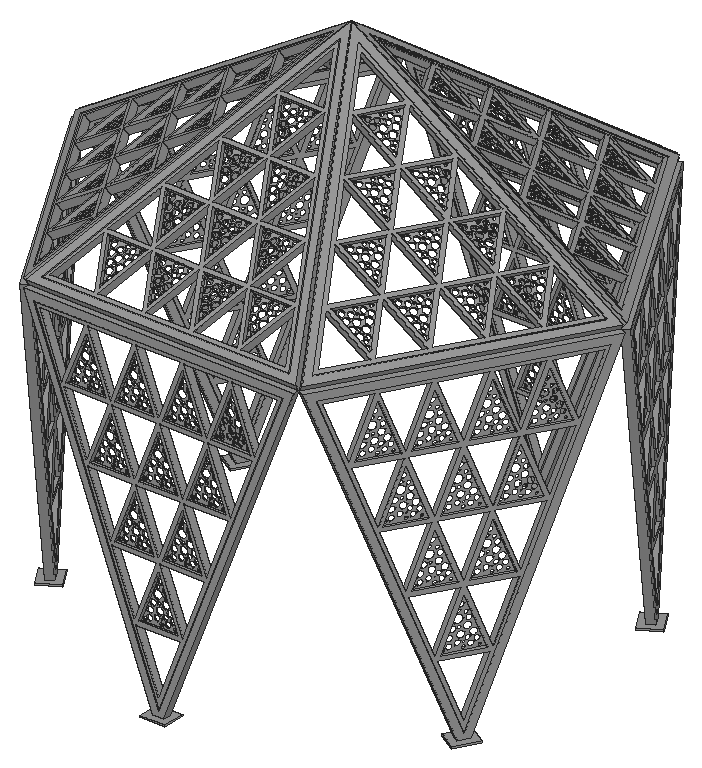
Revit family "Беседка «Трекант» Арт 19429", category Антураж, Revit 2018 (continued)
Automatic sketch dimensions
  Extrusion 20 sketch curve to Extrusion 20 sketch curve = 21.489 mm
  Extrusion 20 sketch curve to Extrusion 20 sketch curve = 46.74 mm
  Extrusion 20 sketch curve to Extrusion 20 sketch curve = 17.599 mm
  Extrusion 20 sketch curve to Extrusion 20 sketch curve = 18.342 mm
  Extrusion 20 sketch curve to Extrusion 20 sketch curve = 34.657 mm
  Extrusion 20 sketch curve to Extrusion 20 sketch curve = 35.947 mm
  Extrusion 20 sketch curve to Extrusion 20 sketch curve = 15.165 mm
  Extrusion 20 sketch curve to Extrusion 20 sketch curve = 36.532 mm
  Extrusion 20 sketch curve to Extrusion 20 sketch curve = 17.608 mm
  Extrusion 20 sketch curve to Extrusion 20 sketch curve = 17.736 mm
  Extrusion 20 sketch curve to Extrusion 20 sketch curve = 18.246 mm
  Extrusion 20 sketch curve to Extrusion 20 sketch curve = 14.653 mm
  Extrusion 20 sketch curve to Extrusion 20 sketch curve = 16.154 mm
  Extrusion 20 sketch curve to Extrusion 20 sketch curve = 31.299 mm
  Extrusion 20 sketch curve to Extrusion 20 sketch curve = 31.936 mm
  Extrusion 20 sketch curve to Extrusion 20 sketch curve = 25.851 mm
  Extrusion 20 sketch curve to Extrusion 20 sketch curve = 22.422 mm
  Extrusion 20 sketch curve to Extrusion 20 sketch curve = 51.657 mm
  Extrusion 20 sketch curve to Extrusion 20 sketch curve = 25.059 mm
  Extrusion 20 sketch curve to Extrusion 20 sketch curve = 30.603 mm
  Extrusion 20 sketch curve to Extrusion 20 sketch curve = 51.382 mm
  Extrusion 20 sketch curve to Extrusion 20 sketch curve = 6.429 mm
  Extrusion 20 sketch curve to Extrusion 20 sketch curve = 3.118 mm
  Extrusion 20 sketch curve to Extrusion 20 sketch curve = 47.115 mm
  Extrusion 20 sketch curve to Extrusion 20 sketch curve = 50.724 mm
  Extrusion 20 sketch curve to Extrusion 20 sketch curve = 37.627 mm
  Extrusion 20 sketch curve to Extrusion 20 sketch curve = 11.104 mm
  Extrusion 20 sketch curve to Extrusion 20 sketch curve = 38.537 mm
  Extrusion 21 sketch curve to plane 8 "123" = 902.88 mm
  Extrusion 21 sketch curve to Extrusion 21 sketch curve = 26.608 mm
  Extrusion 21 sketch curve to Extrusion 21 sketch curve = 34.088 mm
  Extrusion 21 sketch curve to Extrusion 21 sketch curve = 1.206 mm
  Extrusion 21 sketch curve to Extrusion 21 sketch curve = 21.176 mm
  Extrusion 21 sketch curve to Extrusion 21 sketch curve = 49.958 mm
  Extrusion 21 sketch curve to Extrusion 21 sketch curve = 31.469 mm
  Extrusion 21 sketch curve to Extrusion 21 sketch curve = 0.052 mm
  Extrusion 21 sketch curve to Extrusion 21 sketch curve = 38.438 mm
  Extrusion 21 sketch curve to Extrusion 21 sketch curve = 6.752 mm
  Extrusion 21 sketch curve to Extrusion 21 sketch curve = 16.343 mm
  Extrusion 21 sketch curve to plane 8 "123" = 546.211 mm
  Extrusion 21 sketch curve to Extrusion 21 sketch curve = 5.971 mm
  Extrusion 21 sketch curve to Extrusion 21 sketch curve = 34.201 mm
  Extrusion 21 sketch curve to Extrusion 21 sketch curve = 1.495 mm
  Extrusion 21 sketch curve to Extrusion 21 sketch curve = 44.825 mm
  Extrusion 21 sketch curve to Extrusion 21 sketch curve = 21.489 mm
  Extrusion 21 sketch curve to Extrusion 21 sketch curve = 46.74 mm
  Extrusion 21 sketch curve to Extrusion 21 sketch curve = 17.599 mm
  Extrusion 21 sketch curve to Extrusion 21 sketch curve = 18.342 mm
  Extrusion 21 sketch curve to Extrusion 21 sketch curve = 34.657 mm
  Extrusion 21 sketch curve to Extrusion 21 sketch curve = 35.947 mm
  Extrusion 21 sketch curve to Extrusion 21 sketch curve = 15.165 mm
  Extrusion 21 sketch curve to Extrusion 21 sketch curve = 36.532 mm
  Extrusion 21 sketch curve to Extrusion 21 sketch curve = 17.608 mm
  Extrusion 21 sketch curve to Extrusion 21 sketch curve = 17.736 mm
  Extrusion 21 sketch curve to Extrusion 21 sketch curve = 18.246 mm
  Extrusion 21 sketch curve to Extrusion 21 sketch curve = 14.653 mm
  Extrusion 21 sketch curve to Extrusion 21 sketch curve = 16.154 mm
  Extrusion 21 sketch curve to Extrusion 21 sketch curve = 31.299 mm
  Extrusion 21 sketch curve to Extrusion 21 sketch curve = 31.936 mm
  Extrusion 21 sketch curve to Extrusion 21 sketch curve = 25.851 mm
  Extrusion 21 sketch curve to Extrusion 21 sketch curve = 22.422 mm
  Extrusion 21 sketch curve to Extrusion 21 sketch curve = 51.657 mm
  Extrusion 21 sketch curve to Extrusion 21 sketch curve = 25.059 mm
  Extrusion 21 sketch curve to Extrusion 21 sketch curve = 30.603 mm
  Extrusion 21 sketch curve to Extrusion 21 sketch curve = 51.382 mm
  Extrusion 21 sketch curve to Extrusion 21 sketch curve = 6.429 mm
  Extrusion 21 sketch curve to Extrusion 21 sketch curve = 3.118 mm
  Extrusion 21 sketch curve to Extrusion 21 sketch curve = 47.115 mm
  Extrusion 21 sketch curve to Extrusion 21 sketch curve = 50.724 mm
  Extrusion 21 sketch curve to Extrusion 21 sketch curve = 37.627 mm
  Extrusion 21 sketch curve to Extrusion 21 sketch curve = 11.104 mm
  Extrusion 21 sketch curve to Extrusion 21 sketch curve = 38.537 mm
  level to Extrusion 22 sketch curve = 970.272 mm
  Extrusion 22 sketch curve to Extrusion 22 sketch curve = 26.608 mm
  Extrusion 22 sketch curve to Extrusion 22 sketch curve = 34.088 mm
  Extrusion 22 sketch curve to Extrusion 22 sketch curve = 1.206 mm
  Extrusion 22 sketch curve to Extrusion 22 sketch curve = 21.176 mm
  Extrusion 22 sketch curve to Extrusion 22 sketch curve = 49.958 mm
  Extrusion 22 sketch curve to Extrusion 22 sketch curve = 31.469 mm
  Extrusion 22 sketch curve to Extrusion 22 sketch curve = 0.052 mm
  Extrusion 22 sketch curve to Extrusion 22 sketch curve = 38.438 mm
  Extrusion 22 sketch curve to Extrusion 22 sketch curve = 6.752 mm
  Extrusion 22 sketch curve to Extrusion 22 sketch curve = 16.343 mm
  Extrusion 22 sketch curve to plane 8 "123" = 972.651 mm
  Extrusion 22 sketch curve to Extrusion 22 sketch curve = 5.971 mm
  Extrusion 22 sketch curve to Extrusion 22 sketch curve = 34.201 mm
  Extrusion 22 sketch curve to Extrusion 22 sketch curve = 1.495 mm
  Extrusion 22 sketch curve to Extrusion 22 sketch curve = 44.825 mm
  Extrusion 22 sketch curve to Extrusion 22 sketch curve = 21.489 mm
  Extrusion 22 sketch curve to Extrusion 22 sketch curve = 46.74 mm
  Extrusion 22 sketch curve to Extrusion 22 sketch curve = 17.599 mm
  Extrusion 22 sketch curve to Extrusion 22 sketch curve = 18.342 mm
  Extrusion 22 sketch curve to Extrusion 22 sketch curve = 34.657 mm
  Extrusion 22 sketch curve to Extrusion 22 sketch curve = 35.947 mm
  Extrusion 22 sketch curve to Extrusion 22 sketch curve = 15.165 mm
  Extrusion 22 sketch curve to Extrusion 22 sketch curve = 36.532 mm
  Extrusion 22 sketch curve to Extrusion 22 sketch curve = 17.608 mm
  Extrusion 22 sketch curve to Extrusion 22 sketch curve = 17.736 mm
  Extrusion 22 sketch curve to Extrusion 22 sketch curve = 18.246 mm
  Extrusion 22 sketch curve to Extrusion 22 sketch curve = 14.653 mm
  Extrusion 22 sketch curve to Extrusion 22 sketch curve = 16.154 mm
  Extrusion 22 sketch curve to Extrusion 22 sketch curve = 31.299 mm
  Extrusion 22 sketch curve to Extrusion 22 sketch curve = 31.936 mm
  Extrusion 22 sketch curve to Extrusion 22 sketch curve = 25.851 mm
  Extrusion 22 sketch curve to Extrusion 22 sketch curve = 22.422 mm
  Extrusion 22 sketch curve to Extrusion 22 sketch curve = 51.657 mm
  Extrusion 22 sketch curve to Extrusion 22 sketch curve = 25.059 mm
  Extrusion 22 sketch curve to Extrusion 22 sketch curve = 30.603 mm
  Extrusion 22 sketch curve to Extrusion 22 sketch curve = 51.382 mm
  Extrusion 22 sketch curve to Extrusion 22 sketch curve = 6.429 mm
  Extrusion 22 sketch curve to Extrusion 22 sketch curve = 3.118 mm
  Extrusion 22 sketch curve to Extrusion 22 sketch curve = 47.115 mm
  Extrusion 22 sketch curve to Extrusion 22 sketch curve = 50.724 mm
  Extrusion 22 sketch curve to Extrusion 22 sketch curve = 37.627 mm
  Extrusion 22 sketch curve to Extrusion 22 sketch curve = 11.104 mm
  Extrusion 22 sketch curve to Extrusion 22 sketch curve = 38.537 mm
  level to Extrusion 23 sketch curve = 970.272 mm
  Extrusion 23 sketch curve to Extrusion 23 sketch curve = 26.608 mm
  Extrusion 23 sketch curve to Extrusion 23 sketch curve = 34.088 mm
  Extrusion 23 sketch curve to Extrusion 23 sketch curve = 1.206 mm
  Extrusion 23 sketch curve to Extrusion 23 sketch curve = 21.176 mm
  Extrusion 23 sketch curve to Extrusion 23 sketch curve = 49.958 mm
  Extrusion 23 sketch curve to Extrusion 23 sketch curve = 31.469 mm
  Extrusion 23 sketch curve to Extrusion 23 sketch curve = 0.052 mm
  Extrusion 23 sketch curve to Extrusion 23 sketch curve = 38.438 mm
  Extrusion 23 sketch curve to Extrusion 23 sketch curve = 6.752 mm
  Extrusion 23 sketch curve to Extrusion 23 sketch curve = 16.343 mm
  Extrusion 23 sketch curve to plane 8 "123" = 972.651 mm
  Extrusion 23 sketch curve to Extrusion 23 sketch curve = 5.971 mm
  Extrusion 23 sketch curve to Extrusion 23 sketch curve = 34.201 mm
  Extrusion 23 sketch curve to Extrusion 23 sketch curve = 1.495 mm
  Extrusion 23 sketch curve to Extrusion 23 sketch curve = 44.825 mm
  Extrusion 23 sketch curve to Extrusion 23 sketch curve = 21.489 mm
  Extrusion 23 sketch curve to Extrusion 23 sketch curve = 46.74 mm
  Extrusion 23 sketch curve to Extrusion 23 sketch curve = 17.599 mm
  Extrusion 23 sketch curve to Extrusion 23 sketch curve = 18.342 mm
  Extrusion 23 sketch curve to Extrusion 23 sketch curve = 34.657 mm
  Extrusion 23 sketch curve to Extrusion 23 sketch curve = 35.947 mm
  Extrusion 23 sketch curve to Extrusion 23 sketch curve = 15.165 mm
  Extrusion 23 sketch curve to Extrusion 23 sketch curve = 36.532 mm
  Extrusion 23 sketch curve to Extrusion 23 sketch curve = 17.608 mm
  Extrusion 23 sketch curve to Extrusion 23 sketch curve = 17.736 mm
  Extrusion 23 sketch curve to Extrusion 23 sketch curve = 18.246 mm
  Extrusion 23 sketch curve to Extrusion 23 sketch curve = 14.653 mm
  Extrusion 23 sketch curve to Extrusion 23 sketch curve = 16.154 mm
  Extrusion 23 sketch curve to Extrusion 23 sketch curve = 31.299 mm
  Extrusion 23 sketch curve to Extrusion 23 sketch curve = 31.936 mm
  Extrusion 23 sketch curve to Extrusion 23 sketch curve = 25.851 mm
  Extrusion 23 sketch curve to Extrusion 23 sketch curve = 22.422 mm
  Extrusion 23 sketch curve to Extrusion 23 sketch curve = 51.657 mm
  Extrusion 23 sketch curve to Extrusion 23 sketch curve = 25.059 mm
  Extrusion 23 sketch curve to Extrusion 23 sketch curve = 30.603 mm
  Extrusion 23 sketch curve to Extrusion 23 sketch curve = 51.382 mm
  Extrusion 23 sketch curve to Extrusion 23 sketch curve = 6.429 mm
  Extrusion 23 sketch curve to Extrusion 23 sketch curve = 3.118 mm
  Extrusion 23 sketch curve to Extrusion 23 sketch curve = 47.115 mm
  Extrusion 23 sketch curve to Extrusion 23 sketch curve = 50.724 mm
  Extrusion 23 sketch curve to Extrusion 23 sketch curve = 37.627 mm
  Extrusion 23 sketch curve to Extrusion 23 sketch curve = 11.104 mm
  Extrusion 23 sketch curve to Extrusion 23 sketch curve = 38.537 mm
  level to Extrusion 24 sketch curve = 543.832 mm
  Extrusion 24 sketch curve to Extrusion 24 sketch curve = 26.608 mm
  Extrusion 24 sketch curve to Extrusion 24 sketch curve = 34.088 mm
  Extrusion 24 sketch curve to Extrusion 24 sketch curve = 1.206 mm
  Extrusion 24 sketch curve to Extrusion 24 sketch curve = 21.176 mm
  Extrusion 24 sketch curve to Extrusion 24 sketch curve = 49.958 mm
  Extrusion 24 sketch curve to Extrusion 24 sketch curve = 31.469 mm
  Extrusion 24 sketch curve to Extrusion 24 sketch curve = 0.052 mm
  Extrusion 24 sketch curve to Extrusion 24 sketch curve = 38.438 mm
  Extrusion 24 sketch curve to Extrusion 24 sketch curve = 6.752 mm
  Extrusion 24 sketch curve to Extrusion 24 sketch curve = 16.343 mm
  level to Extrusion 24 sketch curve = 900.501 mm
  Extrusion 24 sketch curve to Extrusion 24 sketch curve = 5.971 mm
  Extrusion 24 sketch curve to Extrusion 24 sketch curve = 34.201 mm
  Extrusion 24 sketch curve to Extrusion 24 sketch curve = 1.495 mm
  Extrusion 24 sketch curve to Extrusion 24 sketch curve = 44.825 mm
  Extrusion 24 sketch curve to Extrusion 24 sketch curve = 21.489 mm
  Extrusion 24 sketch curve to Extrusion 24 sketch curve = 46.74 mm
  Extrusion 24 sketch curve to Extrusion 24 sketch curve = 17.599 mm
  Extrusion 24 sketch curve to Extrusion 24 sketch curve = 18.342 mm
  Extrusion 24 sketch curve to Extrusion 24 sketch curve = 34.657 mm
  Extrusion 24 sketch curve to Extrusion 24 sketch curve = 35.947 mm
  Extrusion 24 sketch curve to Extrusion 24 sketch curve = 15.165 mm
  Extrusion 24 sketch curve to Extrusion 24 sketch curve = 36.532 mm
  Extrusion 24 sketch curve to Extrusion 24 sketch curve = 17.608 mm
  Extrusion 24 sketch curve to Extrusion 24 sketch curve = 17.736 mm
  Extrusion 24 sketch curve to Extrusion 24 sketch curve = 18.246 mm
  Extrusion 24 sketch curve to Extrusion 24 sketch curve = 14.653 mm
  Extrusion 24 sketch curve to Extrusion 24 sketch curve = 16.154 mm
  Extrusion 24 sketch curve to Extrusion 24 sketch curve = 31.299 mm
  Extrusion 24 sketch curve to Extrusion 24 sketch curve = 31.936 mm
  Extrusion 24 sketch curve to Extrusion 24 sketch curve = 25.851 mm
  Extrusion 24 sketch curve to Extrusion 24 sketch curve = 22.422 mm
  Extrusion 24 sketch curve to Extrusion 24 sketch curve = 51.657 mm
  Extrusion 24 sketch curve to Extrusion 24 sketch curve = 25.059 mm
  Extrusion 24 sketch curve to Extrusion 24 sketch curve = 30.603 mm
  Extrusion 24 sketch curve to Extrusion 24 sketch curve = 51.382 mm
  Extrusion 24 sketch curve to Extrusion 24 sketch curve = 6.429 mm
  Extrusion 24 sketch curve to Extrusion 24 sketch curve = 3.118 mm
  Extrusion 24 sketch curve to Extrusion 24 sketch curve = 47.115 mm
  Extrusion 24 sketch curve to Extrusion 24 sketch curve = 50.724 mm
  Extrusion 24 sketch curve to Extrusion 24 sketch curve = 37.627 mm
  Extrusion 24 sketch curve to Extrusion 24 sketch curve = 11.104 mm
  Extrusion 24 sketch curve to Extrusion 24 sketch curve = 38.537 mm
  plane 8 "123" to Extrusion 25 sketch curve = 0 mm
  level to Extrusion 25 sketch curve = 0 mm
  Extrusion 25 sketch curve to plane 8 "123" = 50 mm
  Extrusion 25 sketch curve to Extrusion 25 sketch curve = 72.75 mm  (x2)
  Extrusion 25 sketch curve to Extrusion 25 sketch curve = 809.98 mm
  level to Extrusion 25 sketch curve = 47.642 mm
  Extrusion 25 sketch curve to Extrusion 25 sketch curve = 35.269 mm  (x2)
  Extrusion 25 sketch curve to Extrusion 25 sketch curve = 1690.499 mm
  Extrusion 26 sketch curve to plane 8 "123" = 50 mm
  Extrusion 26 sketch curve to Extrusion 26 sketch curve = 36.379 mm  (x2)
  Extrusion 26 sketch curve to plane 8 "123" = 476.44 mm  (x7)
  Extrusion 26 sketch curve to Extrusion 26 sketch curve = 154.094 mm  (x2)
  Extrusion 26 sketch curve to plane 8 "123" = 501.44 mm  (x4)
  Extrusion 26 sketch curve to Extrusion 26 sketch curve = 9.597 mm  (x13)
  Extrusion 26 sketch curve to Extrusion 26 sketch curve = 26.779 mm  (x8)
  Extrusion 26 sketch curve to plane 8 "123" = 75.01 mm  (x5)
  Extrusion 26 sketch curve to Extrusion 26 sketch curve = 308.189 mm  (x5)
  Extrusion 26 sketch curve to plane 8 "123" = 119.771 mm  (x4)
  Extrusion 26 sketch curve to plane 8 "123" = 902.88 mm  (x5)
  Extrusion 26 sketch curve to Extrusion 26 sketch curve = 154.098 mm  (x3)
  Extrusion 26 sketch curve to Extrusion 26 sketch curve = 19.199 mm  (x4)
  Extrusion 26 sketch curve to Extrusion 26 sketch curve = 273.825 mm  (x10)
  Extrusion 26 sketch curve to Extrusion 26 sketch curve = 17.19 mm  (x4)
  Extrusion 26 sketch curve to plane 8 "123" = 546.211 mm  (x3)
  Extrusion 26 sketch curve to Extrusion 26 sketch curve = 9.593 mm  (x5)
  Extrusion 26 sketch curve to Extrusion 26 sketch curve = 9.595 mm  (x5)
  level to Extrusion 26 sketch curve = 970.272 mm  (x5)
  Extrusion 26 sketch curve to Extrusion 26 sketch curve = 19.191 mm  (x2)
  level to Extrusion 26 sketch curve = 945.272 mm
  Extrusion 26 sketch curve to plane 8 "123" = 927.88 mm  (x2)
  Extrusion 26 sketch curve to plane 8 "123" = 972.651 mm  (x2)
  level to Extrusion 26 sketch curve = 543.832 mm  (x2)
  Extrusion 26 sketch curve to Extrusion 26 sketch curve = 19.189 mm  (x2)
  level to Extrusion 26 sketch curve = 47.642 mm
  level to Extrusion 26 sketch curve = 117.402 mm
  Extrusion 26 sketch curve to Extrusion 26 sketch curve = 0 mm  (x6)
  level to Extrusion 26 sketch curve = 900.501 mm
  Extrusion 26 sketch curve to Extrusion 26 sketch curve = 19.181 mm
  Extrusion 26 sketch curve to Extrusion 26 sketch curve = 19.185 mm
  Extrusion 26 sketch curve to Extrusion 26 sketch curve = 26.781 mm
  level to Extrusion 26 sketch curve = 518.832 mm
  Extrusion 26 sketch curve to Extrusion 26 sketch curve = 17.182 mm
  Extrusion 26 sketch curve to Extrusion 26 sketch curve = 17.188 mm  (x3)
  Extrusion 26 sketch curve to plane 8 "123" = 902.89 mm
  Extrusion 26 sketch curve to Extrusion 26 sketch curve = 9.591 mm
  Extrusion 26 sketch curve to Extrusion 26 sketch curve = 26.785 mm
  Extrusion 26 sketch curve to Extrusion 26 sketch curve = 17.184 mm
  Extrusion 26 sketch curve to Extrusion 26 sketch curve = 17.186 mm
  Extrusion 26 sketch curve to Extrusion 26 sketch curve = 25 mm
  Extrusion 27 sketch curve to plane 8 "123" = 476.44 mm
  Extrusion 27 sketch curve to Extrusion 27 sketch curve = 26.608 mm
  Extrusion 27 sketch curve to Extrusion 27 sketch curve = 34.088 mm
  Extrusion 27 sketch curve to Extrusion 27 sketch curve = 1.206 mm
  Extrusion 27 sketch curve to Extrusion 27 sketch curve = 21.176 mm
  Extrusion 27 sketch curve to Extrusion 27 sketch curve = 49.958 mm
  Extrusion 27 sketch curve to Extrusion 27 sketch curve = 31.469 mm
  Extrusion 27 sketch curve to Extrusion 27 sketch curve = 0.052 mm
  Extrusion 27 sketch curve to Extrusion 27 sketch curve = 38.438 mm
  Extrusion 27 sketch curve to Extrusion 27 sketch curve = 6.752 mm
  Extrusion 27 sketch curve to Extrusion 27 sketch curve = 16.343 mm
  Extrusion 27 sketch curve to plane 8 "123" = 119.771 mm
  Extrusion 27 sketch curve to Extrusion 27 sketch curve = 5.971 mm
  Extrusion 27 sketch curve to Extrusion 27 sketch curve = 34.201 mm
  Extrusion 27 sketch curve to Extrusion 27 sketch curve = 1.495 mm
  Extrusion 27 sketch curve to Extrusion 27 sketch curve = 44.825 mm
  Extrusion 27 sketch curve to Extrusion 27 sketch curve = 21.489 mm
  Extrusion 27 sketch curve to Extrusion 27 sketch curve = 46.74 mm
  Extrusion 27 sketch curve to Extrusion 27 sketch curve = 17.599 mm
  Extrusion 27 sketch curve to Extrusion 27 sketch curve = 18.342 mm
  Extrusion 27 sketch curve to Extrusion 27 sketch curve = 34.657 mm
  Extrusion 27 sketch curve to Extrusion 27 sketch curve = 35.947 mm
  Extrusion 27 sketch curve to Extrusion 27 sketch curve = 15.165 mm
  Extrusion 27 sketch curve to Extrusion 27 sketch curve = 36.532 mm
  Extrusion 27 sketch curve to Extrusion 27 sketch curve = 17.608 mm
  Extrusion 27 sketch curve to Extrusion 27 sketch curve = 17.736 mm
  Extrusion 27 sketch curve to Extrusion 27 sketch curve = 18.246 mm
  Extrusion 27 sketch curve to Extrusion 27 sketch curve = 14.653 mm
  Extrusion 27 sketch curve to Extrusion 27 sketch curve = 16.154 mm
  Extrusion 27 sketch curve to Extrusion 27 sketch curve = 31.299 mm
  Extrusion 27 sketch curve to Extrusion 27 sketch curve = 31.936 mm
  Extrusion 27 sketch curve to Extrusion 27 sketch curve = 25.851 mm
  Extrusion 27 sketch curve to Extrusion 27 sketch curve = 22.422 mm
  Extrusion 27 sketch curve to Extrusion 27 sketch curve = 51.657 mm
  Extrusion 27 sketch curve to Extrusion 27 sketch curve = 25.059 mm
  Extrusion 27 sketch curve to Extrusion 27 sketch curve = 30.603 mm
  Extrusion 27 sketch curve to Extrusion 27 sketch curve = 51.382 mm
  Extrusion 27 sketch curve to Extrusion 27 sketch curve = 6.429 mm
  Extrusion 27 sketch curve to Extrusion 27 sketch curve = 3.118 mm
  Extrusion 27 sketch curve to Extrusion 27 sketch curve = 47.115 mm
  Extrusion 27 sketch curve to Extrusion 27 sketch curve = 50.724 mm
  Extrusion 27 sketch curve to Extrusion 27 sketch curve = 37.627 mm
  Extrusion 27 sketch curve to Extrusion 27 sketch curve = 11.104 mm
  Extrusion 27 sketch curve to Extrusion 27 sketch curve = 38.537 mm
  Extrusion 28 sketch curve to plane 8 "123" = 476.44 mm
  Extrusion 28 sketch curve to Extrusion 28 sketch curve = 26.608 mm
  Extrusion 28 sketch curve to Extrusion 28 sketch curve = 34.088 mm
  Extrusion 28 sketch curve to Extrusion 28 sketch curve = 1.206 mm
  Extrusion 28 sketch curve to Extrusion 28 sketch curve = 21.176 mm
  Extrusion 28 sketch curve to Extrusion 28 sketch curve = 49.958 mm
  Extrusion 28 sketch curve to Extrusion 28 sketch curve = 31.469 mm
  Extrusion 28 sketch curve to Extrusion 28 sketch curve = 0.052 mm
  Extrusion 28 sketch curve to Extrusion 28 sketch curve = 38.438 mm
  Extrusion 28 sketch curve to Extrusion 28 sketch curve = 6.752 mm
  Extrusion 28 sketch curve to Extrusion 28 sketch curve = 16.343 mm
  Extrusion 28 sketch curve to plane 8 "123" = 119.771 mm
  Extrusion 28 sketch curve to Extrusion 28 sketch curve = 5.971 mm
  Extrusion 28 sketch curve to Extrusion 28 sketch curve = 34.201 mm
  Extrusion 28 sketch curve to Extrusion 28 sketch curve = 1.495 mm
  Extrusion 28 sketch curve to Extrusion 28 sketch curve = 44.825 mm
  Extrusion 28 sketch curve to Extrusion 28 sketch curve = 21.489 mm
  Extrusion 28 sketch curve to Extrusion 28 sketch curve = 46.74 mm
  Extrusion 28 sketch curve to Extrusion 28 sketch curve = 17.599 mm
  Extrusion 28 sketch curve to Extrusion 28 sketch curve = 18.342 mm
  Extrusion 28 sketch curve to Extrusion 28 sketch curve = 34.657 mm
  Extrusion 28 sketch curve to Extrusion 28 sketch curve = 35.947 mm
  Extrusion 28 sketch curve to Extrusion 28 sketch curve = 15.165 mm
  Extrusion 28 sketch curve to Extrusion 28 sketch curve = 36.532 mm
  Extrusion 28 sketch curve to Extrusion 28 sketch curve = 17.608 mm
  Extrusion 28 sketch curve to Extrusion 28 sketch curve = 17.736 mm
  Extrusion 28 sketch curve to Extrusion 28 sketch curve = 18.246 mm
  Extrusion 28 sketch curve to Extrusion 28 sketch curve = 14.653 mm
  Extrusion 28 sketch curve to Extrusion 28 sketch curve = 16.154 mm
  Extrusion 28 sketch curve to Extrusion 28 sketch curve = 31.299 mm
  Extrusion 28 sketch curve to Extrusion 28 sketch curve = 31.936 mm
  Extrusion 28 sketch curve to Extrusion 28 sketch curve = 25.851 mm
  Extrusion 28 sketch curve to Extrusion 28 sketch curve = 22.422 mm
  Extrusion 28 sketch curve to Extrusion 28 sketch curve = 51.657 mm
  Extrusion 28 sketch curve to Extrusion 28 sketch curve = 25.059 mm
  Extrusion 28 sketch curve to Extrusion 28 sketch curve = 30.603 mm
  Extrusion 28 sketch curve to Extrusion 28 sketch curve = 51.382 mm
  Extrusion 28 sketch curve to Extrusion 28 sketch curve = 6.429 mm
  Extrusion 28 sketch curve to Extrusion 28 sketch curve = 3.118 mm
  Extrusion 28 sketch curve to Extrusion 28 sketch curve = 47.115 mm
  Extrusion 28 sketch curve to Extrusion 28 sketch curve = 50.724 mm
  Extrusion 28 sketch curve to Extrusion 28 sketch curve = 37.627 mm
  Extrusion 28 sketch curve to Extrusion 28 sketch curve = 11.104 mm
  Extrusion 28 sketch curve to Extrusion 28 sketch curve = 38.537 mm
  Extrusion 29 sketch curve to plane 8 "123" = 476.44 mm
  Extrusion 29 sketch curve to Extrusion 29 sketch curve = 26.608 mm
  Extrusion 29 sketch curve to Extrusion 29 sketch curve = 34.088 mm
  Extrusion 29 sketch curve to Extrusion 29 sketch curve = 1.206 mm
  Extrusion 29 sketch curve to Extrusion 29 sketch curve = 21.176 mm
  Extrusion 29 sketch curve to Extrusion 29 sketch curve = 49.958 mm
  Extrusion 29 sketch curve to Extrusion 29 sketch curve = 31.469 mm
  Extrusion 29 sketch curve to Extrusion 29 sketch curve = 0.052 mm
  Extrusion 29 sketch curve to Extrusion 29 sketch curve = 38.438 mm
  Extrusion 29 sketch curve to Extrusion 29 sketch curve = 6.752 mm
  Extrusion 29 sketch curve to Extrusion 29 sketch curve = 16.343 mm
  Extrusion 29 sketch curve to plane 8 "123" = 119.771 mm
  Extrusion 29 sketch curve to Extrusion 29 sketch curve = 5.971 mm
  Extrusion 29 sketch curve to Extrusion 29 sketch curve = 34.201 mm
  Extrusion 29 sketch curve to Extrusion 29 sketch curve = 1.495 mm
  Extrusion 29 sketch curve to Extrusion 29 sketch curve = 44.825 mm
  Extrusion 29 sketch curve to Extrusion 29 sketch curve = 21.489 mm
  Extrusion 29 sketch curve to Extrusion 29 sketch curve = 46.74 mm
  Extrusion 29 sketch curve to Extrusion 29 sketch curve = 17.599 mm
  Extrusion 29 sketch curve to Extrusion 29 sketch curve = 18.342 mm
  Extrusion 29 sketch curve to Extrusion 29 sketch curve = 34.657 mm
  Extrusion 29 sketch curve to Extrusion 29 sketch curve = 35.947 mm
  Extrusion 29 sketch curve to Extrusion 29 sketch curve = 15.165 mm
  Extrusion 29 sketch curve to Extrusion 29 sketch curve = 36.532 mm
  Extrusion 29 sketch curve to Extrusion 29 sketch curve = 17.608 mm
  Extrusion 29 sketch curve to Extrusion 29 sketch curve = 17.736 mm
  Extrusion 29 sketch curve to Extrusion 29 sketch curve = 18.246 mm
  Extrusion 29 sketch curve to Extrusion 29 sketch curve = 14.653 mm
  Extrusion 29 sketch curve to Extrusion 29 sketch curve = 16.154 mm
  Extrusion 29 sketch curve to Extrusion 29 sketch curve = 31.299 mm
  Extrusion 29 sketch curve to Extrusion 29 sketch curve = 31.936 mm
  Extrusion 29 sketch curve to Extrusion 29 sketch curve = 25.851 mm
  Extrusion 29 sketch curve to Extrusion 29 sketch curve = 22.422 mm
  Extrusion 29 sketch curve to Extrusion 29 sketch curve = 51.657 mm
  Extrusion 29 sketch curve to Extrusion 29 sketch curve = 25.059 mm
  Extrusion 29 sketch curve to Extrusion 29 sketch curve = 30.603 mm
  Extrusion 29 sketch curve to Extrusion 29 sketch curve = 51.382 mm
  Extrusion 29 sketch curve to Extrusion 29 sketch curve = 6.429 mm
  Extrusion 29 sketch curve to Extrusion 29 sketch curve = 3.118 mm
  Extrusion 29 sketch curve to Extrusion 29 sketch curve = 47.115 mm
  Extrusion 29 sketch curve to Extrusion 29 sketch curve = 50.724 mm
  Extrusion 29 sketch curve to Extrusion 29 sketch curve = 37.627 mm
  Extrusion 29 sketch curve to Extrusion 29 sketch curve = 11.104 mm
  Extrusion 29 sketch curve to Extrusion 29 sketch curve = 38.537 mm
  Extrusion 30 sketch curve to plane 8 "123" = 476.44 mm
  Extrusion 30 sketch curve to Extrusion 30 sketch curve = 26.608 mm
  Extrusion 30 sketch curve to Extrusion 30 sketch curve = 34.088 mm
  Extrusion 30 sketch curve to Extrusion 30 sketch curve = 1.206 mm
  Extrusion 30 sketch curve to Extrusion 30 sketch curve = 21.176 mm
  Extrusion 30 sketch curve to Extrusion 30 sketch curve = 49.958 mm
  Extrusion 30 sketch curve to Extrusion 30 sketch curve = 31.469 mm
  Extrusion 30 sketch curve to Extrusion 30 sketch curve = 0.052 mm
  Extrusion 30 sketch curve to Extrusion 30 sketch curve = 38.438 mm
  Extrusion 30 sketch curve to Extrusion 30 sketch curve = 6.752 mm
  Extrusion 30 sketch curve to Extrusion 30 sketch curve = 16.343 mm
  Extrusion 30 sketch curve to plane 8 "123" = 119.771 mm
  Extrusion 30 sketch curve to Extrusion 30 sketch curve = 5.971 mm
  Extrusion 30 sketch curve to Extrusion 30 sketch curve = 34.201 mm
  Extrusion 30 sketch curve to Extrusion 30 sketch curve = 1.495 mm
  Extrusion 30 sketch curve to Extrusion 30 sketch curve = 44.825 mm
  Extrusion 30 sketch curve to Extrusion 30 sketch curve = 21.489 mm
  Extrusion 30 sketch curve to Extrusion 30 sketch curve = 46.74 mm
  Extrusion 30 sketch curve to Extrusion 30 sketch curve = 17.599 mm
  Extrusion 30 sketch curve to Extrusion 30 sketch curve = 18.342 mm
  Extrusion 30 sketch curve to Extrusion 30 sketch curve = 34.657 mm
  Extrusion 30 sketch curve to Extrusion 30 sketch curve = 35.947 mm
  Extrusion 30 sketch curve to Extrusion 30 sketch curve = 15.165 mm
  Extrusion 30 sketch curve to Extrusion 30 sketch curve = 36.532 mm
  Extrusion 30 sketch curve to Extrusion 30 sketch curve = 17.608 mm
  Extrusion 30 sketch curve to Extrusion 30 sketch curve = 17.736 mm
  Extrusion 30 sketch curve to Extrusion 30 sketch curve = 18.246 mm
  Extrusion 30 sketch curve to Extrusion 30 sketch curve = 14.653 mm
  Extrusion 30 sketch curve to Extrusion 30 sketch curve = 16.154 mm
  Extrusion 30 sketch curve to Extrusion 30 sketch curve = 31.299 mm
  Extrusion 30 sketch curve to Extrusion 30 sketch curve = 31.936 mm
  Extrusion 30 sketch curve to Extrusion 30 sketch curve = 25.851 mm
  Extrusion 30 sketch curve to Extrusion 30 sketch curve = 22.422 mm
  Extrusion 30 sketch curve to Extrusion 30 sketch curve = 51.657 mm
  Extrusion 30 sketch curve to Extrusion 30 sketch curve = 25.059 mm
  Extrusion 30 sketch curve to Extrusion 30 sketch curve = 30.603 mm
  Extrusion 30 sketch curve to Extrusion 30 sketch curve = 51.382 mm
  Extrusion 30 sketch curve to Extrusion 30 sketch curve = 6.429 mm
  Extrusion 30 sketch curve to Extrusion 30 sketch curve = 3.118 mm
  Extrusion 30 sketch curve to Extrusion 30 sketch curve = 47.115 mm
  Extrusion 30 sketch curve to Extrusion 30 sketch curve = 50.724 mm
  Extrusion 30 sketch curve to Extrusion 30 sketch curve = 37.627 mm
  Extrusion 30 sketch curve to Extrusion 30 sketch curve = 11.104 mm
  Extrusion 30 sketch curve to Extrusion 30 sketch curve = 38.537 mm
  Extrusion 31 sketch curve to plane 8 "123" = 902.88 mm
  Extrusion 31 sketch curve to Extrusion 31 sketch curve = 26.608 mm
  Extrusion 31 sketch curve to Extrusion 31 sketch curve = 34.088 mm
  Extrusion 31 sketch curve to Extrusion 31 sketch curve = 1.206 mm
  Extrusion 31 sketch curve to Extrusion 31 sketch curve = 21.176 mm
  Extrusion 31 sketch curve to Extrusion 31 sketch curve = 49.958 mm
  Extrusion 31 sketch curve to Extrusion 31 sketch curve = 31.469 mm
  Extrusion 31 sketch curve to Extrusion 31 sketch curve = 0.052 mm
  Extrusion 31 sketch curve to Extrusion 31 sketch curve = 38.438 mm
  Extrusion 31 sketch curve to Extrusion 31 sketch curve = 6.752 mm
  Extrusion 31 sketch curve to Extrusion 31 sketch curve = 16.343 mm
  Extrusion 31 sketch curve to plane 8 "123" = 546.211 mm
  Extrusion 31 sketch curve to Extrusion 31 sketch curve = 5.971 mm
  Extrusion 31 sketch curve to Extrusion 31 sketch curve = 34.201 mm
  Extrusion 31 sketch curve to Extrusion 31 sketch curve = 1.495 mm
  Extrusion 31 sketch curve to Extrusion 31 sketch curve = 44.825 mm
  Extrusion 31 sketch curve to Extrusion 31 sketch curve = 21.489 mm
  Extrusion 31 sketch curve to Extrusion 31 sketch curve = 46.74 mm
  Extrusion 31 sketch curve to Extrusion 31 sketch curve = 17.599 mm
  Extrusion 31 sketch curve to Extrusion 31 sketch curve = 18.342 mm
  Extrusion 31 sketch curve to Extrusion 31 sketch curve = 34.657 mm
  Extrusion 31 sketch curve to Extrusion 31 sketch curve = 35.947 mm
  Extrusion 31 sketch curve to Extrusion 31 sketch curve = 15.165 mm
  Extrusion 31 sketch curve to Extrusion 31 sketch curve = 36.532 mm
  Extrusion 31 sketch curve to Extrusion 31 sketch curve = 17.608 mm
  Extrusion 31 sketch curve to Extrusion 31 sketch curve = 17.736 mm
  Extrusion 31 sketch curve to Extrusion 31 sketch curve = 18.246 mm
  Extrusion 31 sketch curve to Extrusion 31 sketch curve = 14.653 mm
  Extrusion 31 sketch curve to Extrusion 31 sketch curve = 16.154 mm
  Extrusion 31 sketch curve to Extrusion 31 sketch curve = 31.299 mm
  Extrusion 31 sketch curve to Extrusion 31 sketch curve = 31.936 mm
  Extrusion 31 sketch curve to Extrusion 31 sketch curve = 25.851 mm
  Extrusion 31 sketch curve to Extrusion 31 sketch curve = 22.422 mm
  Extrusion 31 sketch curve to Extrusion 31 sketch curve = 51.657 mm
  Extrusion 31 sketch curve to Extrusion 31 sketch curve = 25.059 mm
  Extrusion 31 sketch curve to Extrusion 31 sketch curve = 30.603 mm
  Extrusion 31 sketch curve to Extrusion 31 sketch curve = 51.382 mm
  Extrusion 31 sketch curve to Extrusion 31 sketch curve = 6.429 mm
  Extrusion 31 sketch curve to Extrusion 31 sketch curve = 3.118 mm
  Extrusion 31 sketch curve to Extrusion 31 sketch curve = 47.115 mm
  Extrusion 31 sketch curve to Extrusion 31 sketch curve = 50.724 mm
  Extrusion 31 sketch curve to Extrusion 31 sketch curve = 37.627 mm
  Extrusion 31 sketch curve to Extrusion 31 sketch curve = 11.104 mm
  Extrusion 31 sketch curve to Extrusion 31 sketch curve = 38.537 mm
  Extrusion 32 sketch curve to plane 8 "123" = 902.88 mm
  Extrusion 32 sketch curve to Extrusion 32 sketch curve = 26.608 mm
  Extrusion 32 sketch curve to Extrusion 32 sketch curve = 34.088 mm
  Extrusion 32 sketch curve to Extrusion 32 sketch curve = 1.206 mm
  Extrusion 32 sketch curve to Extrusion 32 sketch curve = 21.176 mm
  Extrusion 32 sketch curve to Extrusion 32 sketch curve = 49.958 mm
  Extrusion 32 sketch curve to Extrusion 32 sketch curve = 31.469 mm
  Extrusion 32 sketch curve to Extrusion 32 sketch curve = 0.052 mm
  Extrusion 32 sketch curve to Extrusion 32 sketch curve = 38.438 mm
  Extrusion 32 sketch curve to Extrusion 32 sketch curve = 6.752 mm
  Extrusion 32 sketch curve to Extrusion 32 sketch curve = 16.343 mm
  Extrusion 32 sketch curve to plane 8 "123" = 546.211 mm
  Extrusion 32 sketch curve to Extrusion 32 sketch curve = 5.971 mm
  Extrusion 32 sketch curve to Extrusion 32 sketch curve = 34.201 mm
  Extrusion 32 sketch curve to Extrusion 32 sketch curve = 1.495 mm
  Extrusion 32 sketch curve to Extrusion 32 sketch curve = 44.825 mm
  Extrusion 32 sketch curve to Extrusion 32 sketch curve = 21.489 mm
  Extrusion 32 sketch curve to Extrusion 32 sketch curve = 46.74 mm
  Extrusion 32 sketch curve to Extrusion 32 sketch curve = 17.599 mm
  Extrusion 32 sketch curve to Extrusion 32 sketch curve = 18.342 mm
  Extrusion 32 sketch curve to Extrusion 32 sketch curve = 34.657 mm
  Extrusion 32 sketch curve to Extrusion 32 sketch curve = 35.947 mm
  Extrusion 32 sketch curve to Extrusion 32 sketch curve = 15.165 mm
  Extrusion 32 sketch curve to Extrusion 32 sketch curve = 36.532 mm
  Extrusion 32 sketch curve to Extrusion 32 sketch curve = 17.608 mm
  Extrusion 32 sketch curve to Extrusion 32 sketch curve = 17.736 mm
  Extrusion 32 sketch curve to Extrusion 32 sketch curve = 18.246 mm
  Extrusion 32 sketch curve to Extrusion 32 sketch curve = 14.653 mm
  Extrusion 32 sketch curve to Extrusion 32 sketch curve = 16.154 mm
  Extrusion 32 sketch curve to Extrusion 32 sketch curve = 31.299 mm
  Extrusion 32 sketch curve to Extrusion 32 sketch curve = 31.936 mm
  Extrusion 32 sketch curve to Extrusion 32 sketch curve = 25.851 mm
  Extrusion 32 sketch curve to Extrusion 32 sketch curve = 22.422 mm
  Extrusion 32 sketch curve to Extrusion 32 sketch curve = 51.657 mm
  Extrusion 32 sketch curve to Extrusion 32 sketch curve = 25.059 mm
  Extrusion 32 sketch curve to Extrusion 32 sketch curve = 30.603 mm
  Extrusion 32 sketch curve to Extrusion 32 sketch curve = 51.382 mm
  Extrusion 32 sketch curve to Extrusion 32 sketch curve = 6.429 mm
  Extrusion 32 sketch curve to Extrusion 32 sketch curve = 3.118 mm
  Extrusion 32 sketch curve to Extrusion 32 sketch curve = 47.115 mm
  Extrusion 32 sketch curve to Extrusion 32 sketch curve = 50.724 mm
  Extrusion 32 sketch curve to Extrusion 32 sketch curve = 37.627 mm
  Extrusion 32 sketch curve to Extrusion 32 sketch curve = 11.104 mm
  Extrusion 32 sketch curve to Extrusion 32 sketch curve = 38.537 mm
  Extrusion 33 sketch curve to plane 8 "123" = 902.88 mm
  Extrusion 33 sketch curve to Extrusion 33 sketch curve = 26.608 mm
  Extrusion 33 sketch curve to Extrusion 33 sketch curve = 34.088 mm
  Extrusion 33 sketch curve to Extrusion 33 sketch curve = 1.206 mm
  Extrusion 33 sketch curve to Extrusion 33 sketch curve = 21.176 mm
  Extrusion 33 sketch curve to Extrusion 33 sketch curve = 49.958 mm
  Extrusion 33 sketch curve to Extrusion 33 sketch curve = 31.469 mm
  Extrusion 33 sketch curve to Extrusion 33 sketch curve = 0.052 mm
  Extrusion 33 sketch curve to Extrusion 33 sketch curve = 38.438 mm
  Extrusion 33 sketch curve to Extrusion 33 sketch curve = 6.752 mm
  Extrusion 33 sketch curve to Extrusion 33 sketch curve = 16.343 mm
  Extrusion 33 sketch curve to plane 8 "123" = 546.211 mm
  Extrusion 33 sketch curve to Extrusion 33 sketch curve = 5.971 mm
  Extrusion 33 sketch curve to Extrusion 33 sketch curve = 34.201 mm
  Extrusion 33 sketch curve to Extrusion 33 sketch curve = 1.495 mm
  Extrusion 33 sketch curve to Extrusion 33 sketch curve = 44.825 mm
  Extrusion 33 sketch curve to Extrusion 33 sketch curve = 21.489 mm
  Extrusion 33 sketch curve to Extrusion 33 sketch curve = 46.74 mm
  Extrusion 33 sketch curve to Extrusion 33 sketch curve = 17.599 mm
  Extrusion 33 sketch curve to Extrusion 33 sketch curve = 18.342 mm
  Extrusion 33 sketch curve to Extrusion 33 sketch curve = 34.657 mm
  Extrusion 33 sketch curve to Extrusion 33 sketch curve = 35.947 mm
  Extrusion 33 sketch curve to Extrusion 33 sketch curve = 15.165 mm
  Extrusion 33 sketch curve to Extrusion 33 sketch curve = 36.532 mm
  Extrusion 33 sketch curve to Extrusion 33 sketch curve = 17.608 mm
  Extrusion 33 sketch curve to Extrusion 33 sketch curve = 17.736 mm
  Extrusion 33 sketch curve to Extrusion 33 sketch curve = 18.246 mm
  Extrusion 33 sketch curve to Extrusion 33 sketch curve = 14.653 mm
  Extrusion 33 sketch curve to Extrusion 33 sketch curve = 16.154 mm
  Extrusion 33 sketch curve to Extrusion 33 sketch curve = 31.299 mm
  Extrusion 33 sketch curve to Extrusion 33 sketch curve = 31.936 mm
  Extrusion 33 sketch curve to Extrusion 33 sketch curve = 25.851 mm
  Extrusion 33 sketch curve to Extrusion 33 sketch curve = 22.422 mm
  Extrusion 33 sketch curve to Extrusion 33 sketch curve = 51.657 mm
  Extrusion 33 sketch curve to Extrusion 33 sketch curve = 25.059 mm
  Extrusion 33 sketch curve to Extrusion 33 sketch curve = 30.603 mm
  Extrusion 33 sketch curve to Extrusion 33 sketch curve = 51.382 mm
  Extrusion 33 sketch curve to Extrusion 33 sketch curve = 6.429 mm
  Extrusion 33 sketch curve to Extrusion 33 sketch curve = 3.118 mm
  Extrusion 33 sketch curve to Extrusion 33 sketch curve = 47.115 mm
  Extrusion 33 sketch curve to Extrusion 33 sketch curve = 50.724 mm
  Extrusion 33 sketch curve to Extrusion 33 sketch curve = 37.627 mm
  Extrusion 33 sketch curve to Extrusion 33 sketch curve = 11.104 mm
  Extrusion 33 sketch curve to Extrusion 33 sketch curve = 38.537 mm
  level to Extrusion 34 sketch curve = 970.272 mm
  Extrusion 34 sketch curve to Extrusion 34 sketch curve = 26.608 mm
  Extrusion 34 sketch curve to Extrusion 34 sketch curve = 34.088 mm
  Extrusion 34 sketch curve to Extrusion 34 sketch curve = 1.206 mm
  Extrusion 34 sketch curve to Extrusion 34 sketch curve = 21.176 mm
  Extrusion 34 sketch curve to Extrusion 34 sketch curve = 49.958 mm
  Extrusion 34 sketch curve to Extrusion 34 sketch curve = 31.469 mm
  Extrusion 34 sketch curve to Extrusion 34 sketch curve = 0.052 mm
  Extrusion 34 sketch curve to Extrusion 34 sketch curve = 38.438 mm
  Extrusion 34 sketch curve to Extrusion 34 sketch curve = 6.752 mm
  Extrusion 34 sketch curve to Extrusion 34 sketch curve = 16.343 mm
  Extrusion 34 sketch curve to plane 8 "123" = 972.651 mm
  Extrusion 34 sketch curve to Extrusion 34 sketch curve = 5.971 mm
  Extrusion 34 sketch curve to Extrusion 34 sketch curve = 34.201 mm
  Extrusion 34 sketch curve to Extrusion 34 sketch curve = 1.495 mm
  Extrusion 34 sketch curve to Extrusion 34 sketch curve = 44.825 mm
  Extrusion 34 sketch curve to Extrusion 34 sketch curve = 21.489 mm
  Extrusion 34 sketch curve to Extrusion 34 sketch curve = 46.74 mm
  Extrusion 34 sketch curve to Extrusion 34 sketch curve = 17.599 mm
  Extrusion 34 sketch curve to Extrusion 34 sketch curve = 18.342 mm
  Extrusion 34 sketch curve to Extrusion 34 sketch curve = 34.657 mm
  Extrusion 34 sketch curve to Extrusion 34 sketch curve = 35.947 mm
  Extrusion 34 sketch curve to Extrusion 34 sketch curve = 15.165 mm
  Extrusion 34 sketch curve to Extrusion 34 sketch curve = 36.532 mm
  Extrusion 34 sketch curve to Extrusion 34 sketch curve = 17.608 mm
  Extrusion 34 sketch curve to Extrusion 34 sketch curve = 17.736 mm
  Extrusion 34 sketch curve to Extrusion 34 sketch curve = 18.246 mm
  Extrusion 34 sketch curve to Extrusion 34 sketch curve = 14.653 mm
  Extrusion 34 sketch curve to Extrusion 34 sketch curve = 16.154 mm
  Extrusion 34 sketch curve to Extrusion 34 sketch curve = 31.299 mm
  Extrusion 34 sketch curve to Extrusion 34 sketch curve = 31.936 mm
  Extrusion 34 sketch curve to Extrusion 34 sketch curve = 25.851 mm
  Extrusion 34 sketch curve to Extrusion 34 sketch curve = 22.422 mm
  Extrusion 34 sketch curve to Extrusion 34 sketch curve = 51.657 mm
  Extrusion 34 sketch curve to Extrusion 34 sketch curve = 25.059 mm
  Extrusion 34 sketch curve to Extrusion 34 sketch curve = 30.603 mm
  Extrusion 34 sketch curve to Extrusion 34 sketch curve = 51.382 mm
  Extrusion 34 sketch curve to Extrusion 34 sketch curve = 6.429 mm
  Extrusion 34 sketch curve to Extrusion 34 sketch curve = 3.118 mm
  Extrusion 34 sketch curve to Extrusion 34 sketch curve = 47.115 mm
  Extrusion 34 sketch curve to Extrusion 34 sketch curve = 50.724 mm
  Extrusion 34 sketch curve to Extrusion 34 sketch curve = 37.627 mm
  Extrusion 34 sketch curve to Extrusion 34 sketch curve = 11.104 mm
  Extrusion 34 sketch curve to Extrusion 34 sketch curve = 38.537 mm
  level to Extrusion 35 sketch curve = 970.272 mm
  Extrusion 35 sketch curve to Extrusion 35 sketch curve = 26.608 mm
  Extrusion 35 sketch curve to Extrusion 35 sketch curve = 34.088 mm
  Extrusion 35 sketch curve to Extrusion 35 sketch curve = 1.206 mm
  Extrusion 35 sketch curve to Extrusion 35 sketch curve = 21.176 mm
  Extrusion 35 sketch curve to Extrusion 35 sketch curve = 49.958 mm
  Extrusion 35 sketch curve to Extrusion 35 sketch curve = 31.469 mm
  Extrusion 35 sketch curve to Extrusion 35 sketch curve = 0.052 mm
  Extrusion 35 sketch curve to Extrusion 35 sketch curve = 38.438 mm
  Extrusion 35 sketch curve to Extrusion 35 sketch curve = 6.752 mm
  Extrusion 35 sketch curve to Extrusion 35 sketch curve = 16.343 mm
  Extrusion 35 sketch curve to plane 8 "123" = 972.651 mm
  Extrusion 35 sketch curve to Extrusion 35 sketch curve = 5.971 mm
  Extrusion 35 sketch curve to Extrusion 35 sketch curve = 34.201 mm
  Extrusion 35 sketch curve to Extrusion 35 sketch curve = 1.495 mm
  Extrusion 35 sketch curve to Extrusion 35 sketch curve = 44.825 mm
  Extrusion 35 sketch curve to Extrusion 35 sketch curve = 21.489 mm
  Extrusion 35 sketch curve to Extrusion 35 sketch curve = 46.74 mm
  Extrusion 35 sketch curve to Extrusion 35 sketch curve = 17.599 mm
  Extrusion 35 sketch curve to Extrusion 35 sketch curve = 18.342 mm
  Extrusion 35 sketch curve to Extrusion 35 sketch curve = 34.657 mm
  Extrusion 35 sketch curve to Extrusion 35 sketch curve = 35.947 mm
  Extrusion 35 sketch curve to Extrusion 35 sketch curve = 15.165 mm
  Extrusion 35 sketch curve to Extrusion 35 sketch curve = 36.532 mm
  Extrusion 35 sketch curve to Extrusion 35 sketch curve = 17.608 mm
  Extrusion 35 sketch curve to Extrusion 35 sketch curve = 17.736 mm
  Extrusion 35 sketch curve to Extrusion 35 sketch curve = 18.246 mm
  Extrusion 35 sketch curve to Extrusion 35 sketch curve = 14.653 mm
  Extrusion 35 sketch curve to Extrusion 35 sketch curve = 16.154 mm
  Extrusion 35 sketch curve to Extrusion 35 sketch curve = 31.299 mm
  Extrusion 35 sketch curve to Extrusion 35 sketch curve = 31.936 mm
  Extrusion 35 sketch curve to Extrusion 35 sketch curve = 25.851 mm
  Extrusion 35 sketch curve to Extrusion 35 sketch curve = 22.422 mm
  Extrusion 35 sketch curve to Extrusion 35 sketch curve = 51.657 mm
  Extrusion 35 sketch curve to Extrusion 35 sketch curve = 25.059 mm
  Extrusion 35 sketch curve to Extrusion 35 sketch curve = 30.603 mm
  Extrusion 35 sketch curve to Extrusion 35 sketch curve = 51.382 mm
  Extrusion 35 sketch curve to Extrusion 35 sketch curve = 6.429 mm
  Extrusion 35 sketch curve to Extrusion 35 sketch curve = 3.118 mm
  Extrusion 35 sketch curve to Extrusion 35 sketch curve = 47.115 mm
  Extrusion 35 sketch curve to Extrusion 35 sketch curve = 50.724 mm
  Extrusion 35 sketch curve to Extrusion 35 sketch curve = 37.627 mm
  Extrusion 35 sketch curve to Extrusion 35 sketch curve = 11.104 mm
  Extrusion 35 sketch curve to Extrusion 35 sketch curve = 38.537 mm
  level to Extrusion 36 sketch curve = 543.832 mm
  Extrusion 36 sketch curve to Extrusion 36 sketch curve = 26.608 mm
  Extrusion 36 sketch curve to Extrusion 36 sketch curve = 34.088 mm
  Extrusion 36 sketch curve to Extrusion 36 sketch curve = 1.206 mm
  Extrusion 36 sketch curve to Extrusion 36 sketch curve = 21.176 mm
  Extrusion 36 sketch curve to Extrusion 36 sketch curve = 49.958 mm
  Extrusion 36 sketch curve to Extrusion 36 sketch curve = 31.469 mm
  Extrusion 36 sketch curve to Extrusion 36 sketch curve = 0.052 mm
  Extrusion 36 sketch curve to Extrusion 36 sketch curve = 38.438 mm
  Extrusion 36 sketch curve to Extrusion 36 sketch curve = 6.752 mm
  Extrusion 36 sketch curve to Extrusion 36 sketch curve = 16.343 mm
  level to Extrusion 36 sketch curve = 900.501 mm
  Extrusion 36 sketch curve to Extrusion 36 sketch curve = 5.971 mm
  Extrusion 36 sketch curve to Extrusion 36 sketch curve = 34.201 mm
  Extrusion 36 sketch curve to Extrusion 36 sketch curve = 1.495 mm
  Extrusion 36 sketch curve to Extrusion 36 sketch curve = 44.825 mm
  Extrusion 36 sketch curve to Extrusion 36 sketch curve = 21.489 mm
  Extrusion 36 sketch curve to Extrusion 36 sketch curve = 46.74 mm
  Extrusion 36 sketch curve to Extrusion 36 sketch curve = 17.599 mm
  Extrusion 36 sketch curve to Extrusion 36 sketch curve = 18.342 mm
  Extrusion 36 sketch curve to Extrusion 36 sketch curve = 34.657 mm
  Extrusion 36 sketch curve to Extrusion 36 sketch curve = 35.947 mm
  Extrusion 36 sketch curve to Extrusion 36 sketch curve = 15.165 mm
  Extrusion 36 sketch curve to Extrusion 36 sketch curve = 36.532 mm
  Extrusion 36 sketch curve to Extrusion 36 sketch curve = 17.608 mm
  Extrusion 36 sketch curve to Extrusion 36 sketch curve = 17.736 mm
  Extrusion 36 sketch curve to Extrusion 36 sketch curve = 18.246 mm
  Extrusion 36 sketch curve to Extrusion 36 sketch curve = 14.653 mm
  Extrusion 36 sketch curve to Extrusion 36 sketch curve = 16.154 mm
  Extrusion 36 sketch curve to Extrusion 36 sketch curve = 31.299 mm
  Extrusion 36 sketch curve to Extrusion 36 sketch curve = 31.936 mm
  Extrusion 36 sketch curve to Extrusion 36 sketch curve = 25.851 mm
  Extrusion 36 sketch curve to Extrusion 36 sketch curve = 22.422 mm
  Extrusion 36 sketch curve to Extrusion 36 sketch curve = 51.657 mm
  Extrusion 36 sketch curve to Extrusion 36 sketch curve = 25.059 mm
  Extrusion 36 sketch curve to Extrusion 36 sketch curve = 30.603 mm
  Extrusion 36 sketch curve to Extrusion 36 sketch curve = 51.382 mm
  Extrusion 36 sketch curve to Extrusion 36 sketch curve = 6.429 mm
  Extrusion 36 sketch curve to Extrusion 36 sketch curve = 3.118 mm
  Extrusion 36 sketch curve to Extrusion 36 sketch curve = 47.115 mm
  Extrusion 36 sketch curve to Extrusion 36 sketch curve = 50.724 mm
  Extrusion 36 sketch curve to Extrusion 36 sketch curve = 37.627 mm
  Extrusion 36 sketch curve to Extrusion 36 sketch curve = 11.104 mm
  Extrusion 36 sketch curve to Extrusion 36 sketch curve = 38.537 mm
  Extrusion 37 sketch curve to plane 8 "123" = 0 mm
  Extrusion 37 sketch curve to level = 0 mm
  Extrusion 37 sketch curve to plane 5 = 959.5 mm
  Extrusion 37 sketch curve to plane 8 "123" = 50 mm
  Extrusion 37 sketch curve to Extrusion 37 sketch curve = 72.75 mm  (x2)
  Extrusion 37 sketch curve to plane 5 = 1842.231 mm
  level to Extrusion 37 sketch curve = 47.642 mm
  Extrusion 37 sketch curve to Extrusion 37 sketch curve = 35.269 mm  (x2)
  plane 3 "По центру (Влево/Вправо)" to Extrusion 37 sketch curve = 1032.25 mm
  Extrusion 38 sketch curve to plane 8 "123" = 50 mm
  Extrusion 38 sketch curve to plane 5 = 1032.25 mm
  Extrusion 38 sketch curve to Extrusion 38 sketch curve = 36.379 mm  (x2)
  Extrusion 38 sketch curve to plane 8 "123" = 476.44 mm  (x7)
  Extrusion 38 sketch curve to Extrusion 38 sketch curve = 154.094 mm  (x2)
  Extrusion 38 sketch curve to plane 8 "123" = 501.44 mm  (x4)
  Extrusion 38 sketch curve to Extrusion 38 sketch curve = 9.597 mm  (x13)
  Extrusion 38 sketch curve to Extrusion 38 sketch curve = 26.779 mm  (x8)
  Extrusion 38 sketch curve to plane 8 "123" = 75.01 mm  (x5)
  Extrusion 38 sketch curve to Extrusion 38 sketch curve = 308.189 mm  (x5)
  Extrusion 38 sketch curve to plane 8 "123" = 119.771 mm  (x4)
  Extrusion 38 sketch curve to Extrusion 38 sketch curve = 154.098 mm  (x3)
  Extrusion 38 sketch curve to Extrusion 38 sketch curve = 19.199 mm  (x4)
  Extrusion 38 sketch curve to Extrusion 38 sketch curve = 273.825 mm  (x10)
  Extrusion 38 sketch curve to Extrusion 38 sketch curve = 17.19 mm  (x4)
  Extrusion 38 sketch curve to plane 8 "123" = 546.211 mm  (x3)
  Extrusion 38 sketch curve to Extrusion 38 sketch curve = 9.593 mm  (x5)
  Extrusion 38 sketch curve to Extrusion 38 sketch curve = 9.595 mm  (x5)
  Extrusion 38 sketch curve to Extrusion 38 sketch curve = 19.191 mm  (x2)
  level to Extrusion 38 sketch curve = 543.832 mm  (x2)
  Extrusion 38 sketch curve to Extrusion 38 sketch curve = 19.189 mm  (x2)
  level to Extrusion 38 sketch curve = 47.642 mm
  level to Extrusion 38 sketch curve = 117.402 mm
  Extrusion 38 sketch curve to Extrusion 38 sketch curve = 0 mm  (x9)
  level to Extrusion 38 sketch curve = 900.501 mm
  Extrusion 38 sketch curve to Extrusion 38 sketch curve = 19.181 mm
  Extrusion 38 sketch curve to Extrusion 38 sketch curve = 19.185 mm
  Extrusion 38 sketch curve to Extrusion 38 sketch curve = 26.781 mm
  level to Extrusion 38 sketch curve = 518.832 mm
  Extrusion 38 sketch curve to Extrusion 38 sketch curve = 17.182 mm
  Extrusion 38 sketch curve to Extrusion 38 sketch curve = 17.188 mm  (x3)
  Extrusion 38 sketch curve to Extrusion 38 sketch curve = 9.591 mm
  Extrusion 38 sketch curve to Extrusion 38 sketch curve = 26.785 mm
  Extrusion 38 sketch curve to Extrusion 38 sketch curve = 17.184 mm
  Extrusion 38 sketch curve to Extrusion 38 sketch curve = 17.186 mm
  Extrusion 38 sketch curve to Extrusion 38 sketch curve = 44.771 mm  (x3)
  Extrusion 38 sketch curve to Extrusion 38 sketch curve = 25 mm  (x8)
  Extrusion 38 sketch curve to Extrusion 38 sketch curve = 356.669 mm
  Extrusion 38 sketch curve to Extrusion 38 sketch curve = 24.99 mm
  Extrusion 38 sketch curve to Extrusion 38 sketch curve = 0.01 mm
  Extrusion 39 sketch curve to plane 8 "123" = 476.44 mm
  Extrusion 39 sketch curve to plane 5 = 1249.503 mm
  Extrusion 39 sketch curve to Extrusion 39 sketch curve = 26.608 mm
  Extrusion 39 sketch curve to Extrusion 39 sketch curve = 34.088 mm
  Extrusion 39 sketch curve to Extrusion 39 sketch curve = 1.206 mm
  Extrusion 39 sketch curve to Extrusion 39 sketch curve = 21.176 mm
  Extrusion 39 sketch curve to Extrusion 39 sketch curve = 49.958 mm
  Extrusion 39 sketch curve to Extrusion 39 sketch curve = 31.469 mm
  Extrusion 39 sketch curve to Extrusion 39 sketch curve = 0.052 mm
  Extrusion 39 sketch curve to Extrusion 39 sketch curve = 38.438 mm
  Extrusion 39 sketch curve to Extrusion 39 sketch curve = 6.752 mm
  Extrusion 39 sketch curve to Extrusion 39 sketch curve = 16.343 mm
  Extrusion 39 sketch curve to plane 8 "123" = 119.771 mm
  Extrusion 39 sketch curve to Extrusion 39 sketch curve = 5.971 mm
  Extrusion 39 sketch curve to Extrusion 39 sketch curve = 34.201 mm
  Extrusion 39 sketch curve to Extrusion 39 sketch curve = 1.495 mm
  Extrusion 39 sketch curve to Extrusion 39 sketch curve = 44.825 mm
  Extrusion 39 sketch curve to Extrusion 39 sketch curve = 21.489 mm
  Extrusion 39 sketch curve to Extrusion 39 sketch curve = 46.74 mm
  Extrusion 39 sketch curve to Extrusion 39 sketch curve = 17.599 mm
  Extrusion 39 sketch curve to Extrusion 39 sketch curve = 18.342 mm
  Extrusion 39 sketch curve to Extrusion 39 sketch curve = 34.657 mm
  Extrusion 39 sketch curve to Extrusion 39 sketch curve = 35.947 mm
  Extrusion 39 sketch curve to Extrusion 39 sketch curve = 15.165 mm
  Extrusion 39 sketch curve to Extrusion 39 sketch curve = 36.532 mm
  Extrusion 39 sketch curve to Extrusion 39 sketch curve = 17.608 mm
  Extrusion 39 sketch curve to Extrusion 39 sketch curve = 17.736 mm
  Extrusion 39 sketch curve to Extrusion 39 sketch curve = 18.246 mm
  Extrusion 39 sketch curve to Extrusion 39 sketch curve = 14.653 mm
  Extrusion 39 sketch curve to Extrusion 39 sketch curve = 16.154 mm
  Extrusion 39 sketch curve to Extrusion 39 sketch curve = 31.299 mm
  Extrusion 39 sketch curve to Extrusion 39 sketch curve = 31.936 mm
  Extrusion 39 sketch curve to Extrusion 39 sketch curve = 25.851 mm
  Extrusion 39 sketch curve to Extrusion 39 sketch curve = 22.422 mm
  Extrusion 39 sketch curve to Extrusion 39 sketch curve = 51.657 mm
  Extrusion 39 sketch curve to Extrusion 39 sketch curve = 25.059 mm
  Extrusion 39 sketch curve to Extrusion 39 sketch curve = 30.603 mm
  Extrusion 39 sketch curve to Extrusion 39 sketch curve = 51.382 mm
  Extrusion 39 sketch curve to Extrusion 39 sketch curve = 6.429 mm
  Extrusion 39 sketch curve to Extrusion 39 sketch curve = 3.118 mm
  Extrusion 39 sketch curve to Extrusion 39 sketch curve = 47.115 mm
  Extrusion 39 sketch curve to Extrusion 39 sketch curve = 50.724 mm
  Extrusion 39 sketch curve to Extrusion 39 sketch curve = 37.627 mm
  Extrusion 39 sketch curve to Extrusion 39 sketch curve = 11.104 mm
  Extrusion 39 sketch curve to Extrusion 39 sketch curve = 38.537 mm
  Extrusion 40 sketch curve to plane 8 "123" = 476.44 mm
  Extrusion 40 sketch curve to plane 5 = 1576.891 mm
  Extrusion 40 sketch curve to Extrusion 40 sketch curve = 26.608 mm
  Extrusion 40 sketch curve to Extrusion 40 sketch curve = 34.088 mm
  Extrusion 40 sketch curve to Extrusion 40 sketch curve = 1.206 mm
  Extrusion 40 sketch curve to Extrusion 40 sketch curve = 21.176 mm
  Extrusion 40 sketch curve to Extrusion 40 sketch curve = 49.958 mm
  Extrusion 40 sketch curve to Extrusion 40 sketch curve = 31.469 mm
  Extrusion 40 sketch curve to Extrusion 40 sketch curve = 0.052 mm
  Extrusion 40 sketch curve to Extrusion 40 sketch curve = 38.438 mm
  Extrusion 40 sketch curve to Extrusion 40 sketch curve = 6.752 mm
  Extrusion 40 sketch curve to Extrusion 40 sketch curve = 16.343 mm
  Extrusion 40 sketch curve to plane 8 "123" = 119.771 mm
  Extrusion 40 sketch curve to Extrusion 40 sketch curve = 5.971 mm
  Extrusion 40 sketch curve to Extrusion 40 sketch curve = 34.201 mm
  Extrusion 40 sketch curve to Extrusion 40 sketch curve = 1.495 mm
  Extrusion 40 sketch curve to Extrusion 40 sketch curve = 44.825 mm
  Extrusion 40 sketch curve to Extrusion 40 sketch curve = 21.489 mm
  Extrusion 40 sketch curve to Extrusion 40 sketch curve = 46.74 mm
  Extrusion 40 sketch curve to Extrusion 40 sketch curve = 17.599 mm
  Extrusion 40 sketch curve to Extrusion 40 sketch curve = 18.342 mm
  Extrusion 40 sketch curve to Extrusion 40 sketch curve = 34.657 mm
  Extrusion 40 sketch curve to Extrusion 40 sketch curve = 35.947 mm
  Extrusion 40 sketch curve to Extrusion 40 sketch curve = 15.165 mm
  Extrusion 40 sketch curve to Extrusion 40 sketch curve = 36.532 mm
  Extrusion 40 sketch curve to Extrusion 40 sketch curve = 17.608 mm
  Extrusion 40 sketch curve to Extrusion 40 sketch curve = 17.736 mm
  Extrusion 40 sketch curve to Extrusion 40 sketch curve = 18.246 mm
  Extrusion 40 sketch curve to Extrusion 40 sketch curve = 14.653 mm
  Extrusion 40 sketch curve to Extrusion 40 sketch curve = 16.154 mm
  Extrusion 40 sketch curve to Extrusion 40 sketch curve = 31.299 mm
  Extrusion 40 sketch curve to Extrusion 40 sketch curve = 31.936 mm
  Extrusion 40 sketch curve to Extrusion 40 sketch curve = 25.851 mm
  Extrusion 40 sketch curve to Extrusion 40 sketch curve = 22.422 mm
  Extrusion 40 sketch curve to Extrusion 40 sketch curve = 51.657 mm
  Extrusion 40 sketch curve to Extrusion 40 sketch curve = 25.059 mm
  Extrusion 40 sketch curve to Extrusion 40 sketch curve = 30.603 mm
  Extrusion 40 sketch curve to Extrusion 40 sketch curve = 51.382 mm
  Extrusion 40 sketch curve to Extrusion 40 sketch curve = 6.429 mm
  Extrusion 40 sketch curve to Extrusion 40 sketch curve = 3.118 mm
  Extrusion 40 sketch curve to Extrusion 40 sketch curve = 47.115 mm
  Extrusion 40 sketch curve to Extrusion 40 sketch curve = 50.724 mm
  Extrusion 40 sketch curve to Extrusion 40 sketch curve = 37.627 mm
